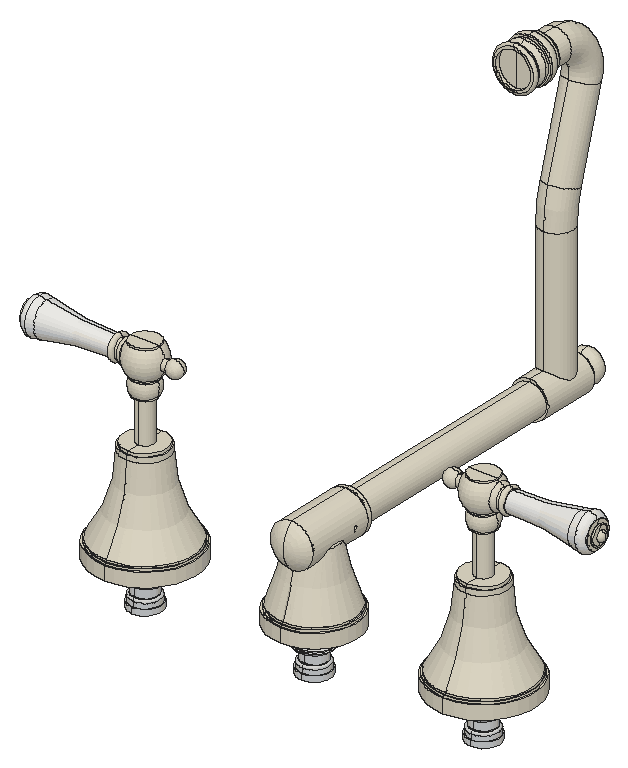
Revit family "Reece_Tap_Kado_Era_Wall Sink Set_English", category Plumbing Fixtures, host Face, Revit 2018
Family settings
  Host = Face
  Round Connector Dimension = Use Diameter
  Part Type = Normal
  Cut with Voids When Loaded = No
  Shared = Yes
  Room Calculation Point = Yes
Parameters (values of type "180 mm_Lever Handle_Brass Gold_Porcelain")
  WFU = 0  # constant formula
  URL = "https://www.reece.com.au/product/-9507646"
  Type Comments = "Tap"
  Reece_Tap_Reach = 180 mm  # constant formula
  Reece_Tap_Clearance = 170 mm  # constant formula
  Reece_Tap_Axis Distance [instance] = 200 mm
  Reece_Sink_Outlet = 12 mm  # constant formula
  Reece_Product_Web Page = "https://www.reece.com.au/product/-9507646"
  Reece_Product_Type = "Tap"  # constant formula
  Reece_Product_Sub Brand = "Era"  # constant formula
  Reece_Product_Number = "9507646"
  Reece_Product_Mount = "Wall Mounted"
  Reece_Product_Description = "Kado Era Wall English Sink Set Lever Porcelain Handle Brass Gold (5 Star)"
  Reece_Product_Brand = "Kado"  # constant formula
  Reece_Overall_Height = 230 mm  # constant formula
  Reece_Material_Secondary = Reece_Porcelain_White
  Reece_Material_Main = Reece_Brass_Gold
  Reece_Handle_Type = Reece_Tap_Kado_Era_Wall Sink Set_Porcelain_Lever_Handle_116 mm_Nested : Reece_Lever Handle_Porcelain
  Reece_Detail_Shape = "English"  # constant formula
  Reece_Detail_Installation = ""
  Reece_Detail_Disclaimer = "THIS FILE IS THE PROPERTY OF THE REECE GROUP. IT MAY NOT BE REPRODUCED, REVERSE-ENGINEERED OR MODIFIED. ANY REPUBLICATION, TRANSMISSION OR DISTRIBUTION FOR THE PURPOSE OF COMMERCIALLY EXPLOITING THE FILES IS PROHIBITED."  # constant formula
  Reece_Detail_Connector = ""
  Reece_Detail_Additional = "Wall Sink Set"  # constant formula
  Reece_Backplate_Diameter = 60 mm  # constant formula
  Model = "Era"
  Manufacturer = "Kado"
  Keynote = "Product #9507646, Reece_Tap_Kado_Era_Wall Sink Set_English - 180 mm_Lever Handle_Brass Gold_Porcelain"
  HWFU = 0  # constant formula
  Disclaimer = "THIS FILE IS THE PROPERTY OF THE REECE GROUP. IT MAY NOT BE REPRODUCED, REVERSE-ENGINEERED OR MODIFIED. ANY REPUBLICATION, TRANSMISSION OR DISTRIBUTION FOR THE PURPOSE OF COMMERCIALLY EXPLOITING THE FILES IS PROHIBITED."  # constant formula
  Description = "Kado Era Wall English Sink Set Lever Handle Porcelain Handle Brass Gold (5 Star)"
  Default Elevation = 1000 mm
  CWFU = 0  # constant formula
Types (2, lengths in mm): name | URL | Reece_Product_Web Page | Reece_Product_Number | Reece_Product_Description | Reece_Material_Main | Keynote | Description
  180 mm_Lever Handle_Brass Gold_Porcelain | "https://www.reece.com.au/product/-9507646" | "https://www.reece.com.au/product/-9507646" | "9507646" | "Kado Era Wall English Sink Set Lever Porcelain Handle Brass Gold (5 Star)" | Reece_Brass_Gold | "Product #9507646, Reece_Tap_Kado_Era_Wall Sink Set_English - 180 mm_Lever Handle_Brass Gold_Porcelain" | "Kado Era Wall English Sink Set Lever Handle Porcelain Handle Brass Gold (5 Star)"
  180 mm_Lever Handle_Chrome_Porcelain | "https://www.reece.com.au/product/-9507647" | "https://www.reece.com.au/product/-9507647" | "9507647" | "Kado Era Wall English Sink Set Lever Porcelain Handle Chrome (5 Star)" | Reece_Brass_Chrome | "Product #9507647, Reece_Tap_Kado_Era_Wall Sink Set_English - 180 mm_Lever Handle_Chrome_Porcelain" | "Kado Era Wall English Sink Set Lever Handle Porcelain Handle Chrome (5 Star)"
Reference planes
  plane 1 "Center (Front/Back)": y = 0
  plane 2 "Bottom": z = 0
  plane 3 "Center (Left/Right)": x = 0
  plane 4 "left": x = -100
  plane 5 "right": x = 100
  plane 6: y = -30
  plane 7: y = 30
  plane 8: y = -22.797
  plane 9: y = 147.203
  plane 10: y = 207.203
  plane 11: y = 192.825
  plane 12: y = 178.825
  plane 13 "middle": z = 47.9
  plane 14: z = 227.9
Forms (mm)
  Revolve 1, solid
    sketch origin (-100, -128.901, 1219.2) x (0, -1, 0) y (0, 0, 1)
      loop
        line (-130.291, -1249.229) -> (-128.901, -1249.229) -> (-128.901, -1219.2) -> (-140.374, -1219.2) -> (-140.374, -1222.813) -> (-139.398, -1223.187) -> (-139.398, -1223.987) -> (-140.37, -1224.549) -> (-139.398, -1225.023) -> (-139.398, -1225.823) -> (-140.359, -1226.378) -> (-139.398, -1226.846) -> (-139.398, -1227.646) -> (-140.366, -1228.205) -> (-139.398, -1228.616) -> (-139.398, -1229.416) -> (-140.275, -1229.923) -> (-139.166, -1231.032) -> (-136.181, -1231.032) -> (-136.181, -1237.729) -> (-135.615, -1238.294) -> (-136.415, -1238.294)
        arc (-136.415, -1238.294) -> (-137.255, -1238.642) -> (-137.603, -1239.482) r 1.188
        line (-137.603, -1239.482) -> (-137.603, -1242.245) -> (-138.403, -1242.245) -> (-138.403, -1245.49) -> (-132.464, -1245.49) -> (-130.291, -1249.229)
      axis (-128.901, -1219.2) -> (-128.901, -1249.229)
    angle from 0 to 360
  Revolve 2, void
    sketch origin (0, 0, 0) x (1, 0, 0) y (0, 0, 1)
      loop
        line (-100, -37.024) -> (-100, 0) -> (-115.541, 0) -> (-115.541, -37.024) -> (-100, -37.024)
      axis (-100, 0) -> (-100, -37.024)
    angle from 0 to 360
  Revolve 3, void
    sketch origin (0, 0, 0) x (-1, 0, 0) y (0, 0, 1)
      loop
        line (-100, -37.024) -> (-100, 0) -> (-115.541, 0) -> (-115.541, -37.024) -> (-100, -37.024)
      axis (-100, 0) -> (-100, -37.024)
    angle from 0 to 360
  Revolve 4, solid
    sketch origin (100, -134.759, 1219.2) x (0, -1, 0) y (0, 0, 1)
      loop
        line (-136.149, -1249.229) -> (-134.759, -1249.229) -> (-134.759, -1219.2) -> (-146.232, -1219.2) -> (-146.232, -1222.813) -> (-145.256, -1223.187) -> (-145.256, -1223.987) -> (-146.228, -1224.549) -> (-145.256, -1225.023) -> (-145.256, -1225.823) -> (-146.216, -1226.378) -> (-145.256, -1226.846) -> (-145.256, -1227.646) -> (-146.223, -1228.205) -> (-145.256, -1228.616) -> (-145.256, -1229.416) -> (-146.133, -1229.923) -> (-145.024, -1231.032) -> (-142.038, -1231.032) -> (-142.038, -1237.729) -> (-141.473, -1238.294) -> (-142.273, -1238.294)
        arc (-142.273, -1238.294) -> (-143.113, -1238.642) -> (-143.461, -1239.482) r 1.188
        line (-143.461, -1239.482) -> (-143.461, -1242.245) -> (-144.261, -1242.245) -> (-144.261, -1245.49) -> (-138.322, -1245.49) -> (-136.149, -1249.229)
      axis (-134.759, -1219.2) -> (-134.759, -1249.229)
    angle from 0 to 360
  Revolve 5, solid
    sketch origin (0, 0, 0) x (0, 1, 0) y (0, 0, 1)
      loop
        line (1.39, -30.029) -> (3.563, -26.29) -> (9.502, -26.29) -> (9.502, -23.045) -> (8.702, -23.045) -> (8.702, -20.282)
        arc (8.702, -20.282) -> (8.354, -19.442) -> (7.514, -19.094) r 1.188
        line (7.514, -19.094) -> (6.714, -19.094) -> (7.28, -18.529) -> (7.28, -11.832) -> (10.266, -11.832) -> (11.374, -10.723) -> (10.497, -10.216) -> (10.497, -9.416) -> (11.465, -9.005) -> (10.497, -8.446) -> (10.497, -7.646) -> (11.458, -7.178) -> (10.497, -6.623) -> (10.497, -5.823) -> (11.469, -5.349) -> (10.497, -4.787) -> (10.497, -3.987) -> (11.473, -3.613) -> (11.473, 0) -> (0, 0) -> (0, -30.029) -> (1.39, -30.029)
      axis (0, 0) -> (0, -30.029)
    angle from 0 to 360
  Revolve 6, void
    sketch origin (-75, 0, 0) x (-1, 0, 0) y (0, 0, 1)
      loop
        line (-75, -37.024) -> (-75, 0) -> (-90.541, 0) -> (-90.541, -37.024) -> (-75, -37.024)
      axis (-75, 0) -> (-75, -37.024)
    angle from 0 to 360
  Revolve 7, solid, material "Reece_Brass_Gold" <- "Reece_Material_Main"
    sketch origin (0, 0, 0) x (0, 1, 0) y (0, 0, 1)
      loop
        line (0, 0) -> (25, 0) -> (25, 8.1) -> (24, 8.1) -> (24, 9.2) -> (23.2, 9.2) -> (23.2, 10.2)
        arc (23.2, 10.2) -> (17.283, 27.396) -> (13.569, 45.199) r 144.693
        arc (13.569, 45.199) -> (13.234, 45.813) -> (12.579, 46.057) r 1
        line (12.579, 46.057) -> (0, 46.057) -> (0, 10.2) -> (0, 0)
      axis (0, 0) -> (0, 46.057)
    angle from 0 to 360
  Revolve 8, solid, material "Reece_Brass_Gold" <- "Reece_Material_Main"
    sketch origin (0, 0, 0) x (0, 1, 0) y (0, 0, 1)
      loop
        line (28.203, 47.9) -> (28.203, 57.9) -> (26.103, 60.65) -> (24.203, 60.65) -> (24.203, 59.85) -> (23.403, 59.85) -> (23.403, 60.65) -> (-16.397, 60.65)
        arc (-16.397, 60.65) -> (-21.107, 55.033) -> (-22.797, 47.9) r 15.9
        line (-22.797, 47.9) -> (28.203, 47.9)
      axis (28.203, 47.9) -> (-22.797, 47.9)
    angle from 0 to 360
  Revolve 9, solid, material "Reece_Brass_Gold" <- "Reece_Material_Main"
    sketch origin (0, 0, 5.089) x (0, 1, 0) y (0, 0, 1)
      loop
        line (192.825, 31.811) -> (192.825, 33.511) -> (194.725, 33.511) -> (194.725, 35.911) -> (196.625, 35.911)
        arc (196.625, 35.911) -> (199.999, 33.301) -> (204.103, 34.461) r 4.738
        arc (204.103, 34.461) -> (206.394, 37.66) -> (207.203, 41.511) r 9.567
        line (207.203, 41.511) -> (207.203, 42.811) -> (20.693, 42.811) -> (20.693, 33.311) -> (159.125, 33.311) -> (159.125, 31.811) -> (192.825, 31.811)
      axis (207.203, 42.811) -> (20.693, 42.811)
    angle from 0 to 360
  Sweep 10, solid, material "Reece_Brass_Gold" <- "Reece_Material_Main"
    path origin (0, 12.834, 5.089) x (0, 1, 0) y (0, 0, 1)
      loop
        line (165.991, 42.811) -> (165.991, 127.306)
        arc (165.991, 127.306) -> (166.766, 137.695) -> (169.075, 147.853) r 70
        line (169.075, 147.853) -> (184.147, 196.941)
        arc (184.147, 196.941) -> (181.112, 214.698) -> (165.028, 222.811) r 20
        line (165.028, 222.811) -> (146.157, 222.811)
    profile origin (0, 178.825, 90.148) x (0, -1, 0) y (1, 0, 0)
      loop
        circle (0, 0) r 9.5
  Revolve 11, void
    sketch origin (0, 5.089, 47.9) x (0, 1, 0) y (-1, 0, 0)
      loop
        line (9.33, 10.133) -> (10.83, 10.133) -> (10.83, 15.16) -> (9.33, 15.16) -> (9.33, 10.133)
      loop
        line (9.33, -11.018) -> (9.33, -15.16) -> (10.83, -15.16) -> (10.83, -11.018) -> (9.33, -11.018)
      axis (9.33, 15.16) -> (9.33, -15.16)
    angle from 0 to 360
  Revolve 12, solid, material "Reece_Brass_Gold" <- "Reece_Material_Main"
    sketch origin (0, -13.869, 158.977) x (0, 0.15942, -0.987211) y (0, 0.987211, 0.15942)
      loop
        line (-30.204, 170.549) -> (-30.067, 171.399)
        arc (-30.067, 171.399) -> (-30.113, 172.003) -> (-30.429, 172.52) r 1.294
        line (-30.429, 172.52) -> (-31.116, 173.207) -> (-28.876, 176.513) -> (-28.653, 177.895) -> (-29.64, 178.055) -> (-29.497, 178.943) -> (-27.522, 178.624) -> (-27.363, 179.612)
        arc (-27.363, 179.612) -> (-26.752, 182.761) -> (-28.25, 185.597) r 4.824
        arc (-28.25, 185.597) -> (-28.06, 187.271) -> (-29.218, 188.495) r 1.997
        line (-29.218, 188.495) -> (-29.071, 189.401) -> (-38.972, 191) -> (-42.053, 171.922) -> (-31.774, 170.262) -> (-32.084, 168.34) -> (-30.6, 168.1)
        arc (-30.6, 168.1) -> (-29.178, 169.127) -> (-30.204, 170.549) r 1.24
      axis (-38.972, 191) -> (-42.363, 170)
    angle from 0 to 360
Cuts and joins
  Revolve 11 cuts Revolve 8
  joined: Revolve 7, Revolve 8
  joined: Revolve 9, Sweep 10
Text (mm)
  text "Reece Copyright © 2018, Reece Ltd." at (18.968, -193.79, 0), in view "Ref. Level"
  text "Reece ©" at (44.384, 258.95, 192.345), in view "Reece Preview"
Dimensions and locks
  equal spacing: plane 4 "left", plane 3 "Center (Left/Right)", plane 5 "right"  (x2)
  plane 6 to plane 7 = 60 mm
  plane 7 to plane 6 = 60 mm
  plane 4 "left" to plane 5 "right" = 200 mm
  plane 5 "right" to plane 4 "left" = 200 mm
  equal spacing: plane 5 "right", plane 3 "Center (Left/Right)", plane 4 "left"
  "Reece_Backplate_Diameter": plane 6 to plane 7
  equal spacing: plane 6, plane 1 "Center (Front/Back)", plane 7
  "Reece_Tap_Axis Distance": plane 4 "left" to plane 5 "right"
  "Reece_Tap_Clearance": plane 9 to plane 8
  "Reece_Overall_Height": plane 10 to plane 8
  "Reece_Tap_Reach": plane 14 to plane 13 "middle"
  aligned and locked: plane 2 "Bottom" to host face
  aligned and locked: level to host face
  aligned and locked: Revolve 1 sketch curve to plane 1 "Center (Front/Back)"
  aligned and locked: Revolve 6 sketch curve to plane 3 "Center (Left/Right)"
Automatic sketch dimensions
  host sketch curve to host sketch curve = 380.785 mm
  host sketch curve to host sketch curve = 452.421 mm
  Revolve 1 sketch curve to level = 0 mm
  Revolve 1 sketch curve to plane 1 "Center (Front/Back)" = 0 mm
  Revolve 1 sketch curve to Revolve 1 sketch curve = 1.39 mm
  Revolve 1 sketch curve to plane 1 "Center (Front/Back)" = 3.563 mm
  Revolve 1 sketch curve to plane 1 "Center (Front/Back)" = 6.714 mm
  Revolve 1 sketch curve to plane 1 "Center (Front/Back)" = 7.28 mm
  Revolve 1 sketch curve to Revolve 1 sketch curve = 0.8 mm  (x6)
  Revolve 1 sketch curve to Revolve 1 sketch curve = 1.188 mm
  Revolve 1 sketch curve to Revolve 1 sketch curve = 2.986 mm
  Revolve 1 sketch curve to Revolve 1 sketch curve = 0.231 mm  (x2)
  Revolve 1 sketch curve to Revolve 1 sketch curve = 0 mm  (x2)
  Revolve 1 sketch curve to level = 3.987 mm
  Revolve 1 sketch curve to Revolve 1 sketch curve = 0.878 mm
  Revolve 1 sketch curve to Revolve 1 sketch curve = 0.961 mm
  Revolve 1 sketch curve to Revolve 1 sketch curve = 0.968 mm
  Revolve 1 sketch curve to level = 5.349 mm
  Revolve 1 sketch curve to Revolve 1 sketch curve = 0.972 mm
  Revolve 1 sketch curve to level = 3.612 mm
  Revolve 1 sketch curve to Revolve 1 sketch curve = 0.977 mm
  Revolve 1 sketch curve to Revolve 1 sketch curve = 0.474 mm
  Revolve 1 sketch curve to Revolve 1 sketch curve = 0.555 mm
  Revolve 1 sketch curve to Revolve 1 sketch curve = 1.023 mm
  Revolve 1 sketch curve to Revolve 1 sketch curve = 0.559 mm
  Revolve 1 sketch curve to Revolve 1 sketch curve = 0.97 mm
  Revolve 1 sketch curve to Revolve 1 sketch curve = 0.507 mm
  Revolve 1 sketch curve to Revolve 1 sketch curve = 1.615 mm
  Revolve 1 sketch curve to Revolve 1 sketch curve = 6.697 mm
  Revolve 1 sketch curve to Revolve 1 sketch curve = 0.566 mm
  Revolve 1 sketch curve to Revolve 1 sketch curve = 2.762 mm
  Revolve 1 sketch curve to Revolve 1 sketch curve = 3.246 mm
  Revolve 1 sketch curve to Revolve 1 sketch curve = 3.739 mm
  Revolve 1 sketch curve to Revolve 1 sketch curve = 7.488 mm
  Revolve 1 sketch curve to Revolve 1 sketch curve = 8.93 mm
  Revolve 2 sketch curve to level = 0 mm
  plane 4 "left" to Revolve 2 sketch curve = 0 mm  (x2)
  Revolve 2 sketch curve to Revolve 2 sketch curve = 15.541 mm
  Revolve 2 sketch curve to Revolve 2 sketch curve = 37.024 mm
  Revolve 2 sketch curve to plane 13 "middle" = 18.734 mm
  Revolve 2 sketch curve to plane 13 "middle" = 0.217 mm
  Revolve 3 sketch curve to level = 0 mm
  Revolve 3 sketch curve to plane 5 "right" = 0 mm  (x2)
  Revolve 3 sketch curve to Revolve 3 sketch curve = 15.541 mm
  level to Revolve 3 sketch curve = 37.024 mm
  plane 13 "middle" to Revolve 3 sketch curve = 18.734 mm
  plane 13 "middle" to Revolve 3 sketch curve = 0.217 mm
  level to Revolve 4 sketch curve = 0 mm
  Revolve 4 sketch curve to plane 1 "Center (Front/Back)" = 0 mm  (x2)
  Revolve 4 sketch curve to Revolve 4 sketch curve = 1.39 mm
  plane 1 "Center (Front/Back)" to Revolve 4 sketch curve = 3.563 mm
  plane 1 "Center (Front/Back)" to Revolve 4 sketch curve = 6.714 mm
  plane 1 "Center (Front/Back)" to Revolve 4 sketch curve = 7.28 mm
  Revolve 4 sketch curve to Revolve 4 sketch curve = 0.8 mm  (x6)
  Revolve 4 sketch curve to Revolve 4 sketch curve = 1.188 mm
  Revolve 4 sketch curve to Revolve 4 sketch curve = 2.986 mm
  Revolve 4 sketch curve to Revolve 4 sketch curve = 0.231 mm  (x2)
  Revolve 4 sketch curve to Revolve 4 sketch curve = 0 mm  (x2)
  level to Revolve 4 sketch curve = 3.987 mm
  Revolve 4 sketch curve to Revolve 4 sketch curve = 0.878 mm
  Revolve 4 sketch curve to Revolve 4 sketch curve = 0.961 mm
  Revolve 4 sketch curve to Revolve 4 sketch curve = 0.968 mm
  level to Revolve 4 sketch curve = 5.349 mm
  Revolve 4 sketch curve to Revolve 4 sketch curve = 0.972 mm
  level to Revolve 4 sketch curve = 3.612 mm
  Revolve 4 sketch curve to Revolve 4 sketch curve = 0.977 mm
  Revolve 4 sketch curve to Revolve 4 sketch curve = 0.474 mm
  Revolve 4 sketch curve to Revolve 4 sketch curve = 0.555 mm
  Revolve 4 sketch curve to Revolve 4 sketch curve = 1.023 mm
  Revolve 4 sketch curve to Revolve 4 sketch curve = 0.559 mm
  Revolve 4 sketch curve to Revolve 4 sketch curve = 0.97 mm
  Revolve 4 sketch curve to Revolve 4 sketch curve = 0.507 mm
  Revolve 4 sketch curve to Revolve 4 sketch curve = 1.615 mm
  Revolve 4 sketch curve to Revolve 4 sketch curve = 6.697 mm
  Revolve 4 sketch curve to Revolve 4 sketch curve = 0.566 mm
  Revolve 4 sketch curve to Revolve 4 sketch curve = 2.762 mm
  Revolve 4 sketch curve to Revolve 4 sketch curve = 3.246 mm
  Revolve 4 sketch curve to Revolve 4 sketch curve = 3.739 mm
  Revolve 4 sketch curve to Revolve 4 sketch curve = 7.488 mm
  Revolve 4 sketch curve to Revolve 4 sketch curve = 8.93 mm
  Revolve 5 sketch curve to plane 1 "Center (Front/Back)" = 0 mm  (x2)
  level to Revolve 5 sketch curve = 0 mm
  Revolve 5 sketch curve to Revolve 5 sketch curve = 1.39 mm
  Revolve 5 sketch curve to plane 1 "Center (Front/Back)" = 3.563 mm
  Revolve 5 sketch curve to plane 1 "Center (Front/Back)" = 6.714 mm
  Revolve 5 sketch curve to plane 1 "Center (Front/Back)" = 7.28 mm
  Revolve 5 sketch curve to Revolve 5 sketch curve = 0.8 mm  (x6)
  Revolve 5 sketch curve to Revolve 5 sketch curve = 1.188 mm
  Revolve 5 sketch curve to Revolve 5 sketch curve = 2.986 mm
  Revolve 5 sketch curve to Revolve 5 sketch curve = 0.231 mm
  Revolve 5 sketch curve to Revolve 5 sketch curve = 0 mm  (x3)
  Revolve 5 sketch curve to level = 3.987 mm
  Revolve 5 sketch curve to Revolve 5 sketch curve = 0.878 mm
  Revolve 5 sketch curve to Revolve 5 sketch curve = 0.961 mm
  Revolve 5 sketch curve to Revolve 5 sketch curve = 0.968 mm
  Revolve 5 sketch curve to level = 5.349 mm
  Revolve 5 sketch curve to Revolve 5 sketch curve = 0.972 mm
  Revolve 5 sketch curve to level = 3.612 mm
  Revolve 5 sketch curve to Revolve 5 sketch curve = 0.977 mm
  Revolve 5 sketch curve to Revolve 5 sketch curve = 0.474 mm
  Revolve 5 sketch curve to Revolve 5 sketch curve = 0.555 mm
  Revolve 5 sketch curve to Revolve 5 sketch curve = 1.023 mm
  Revolve 5 sketch curve to Revolve 5 sketch curve = 0.559 mm
  Revolve 5 sketch curve to Revolve 5 sketch curve = 0.97 mm
  Revolve 5 sketch curve to Revolve 5 sketch curve = 0.507 mm
  Revolve 5 sketch curve to Revolve 5 sketch curve = 1.615 mm
  Revolve 5 sketch curve to Revolve 5 sketch curve = 6.697 mm
  Revolve 5 sketch curve to Revolve 5 sketch curve = 0.566 mm
  Revolve 5 sketch curve to Revolve 5 sketch curve = 2.762 mm
  Revolve 5 sketch curve to Revolve 5 sketch curve = 3.246 mm
  Revolve 5 sketch curve to Revolve 5 sketch curve = 3.739 mm
  Revolve 5 sketch curve to Revolve 5 sketch curve = 7.488 mm
  Revolve 5 sketch curve to Revolve 5 sketch curve = 8.93 mm
  Revolve 6 sketch curve to level = 0 mm
  Revolve 6 sketch curve to plane 3 "Center (Left/Right)" = 0 mm
  Revolve 6 sketch curve to Revolve 6 sketch curve = 15.541 mm
  level to Revolve 6 sketch curve = 37.024 mm
  plane 13 "middle" to Revolve 6 sketch curve = 18.734 mm
  plane 13 "middle" to Revolve 6 sketch curve = 0.217 mm
  level to Revolve 7 sketch curve = 0 mm  (x2)
  Revolve 7 sketch curve to plane 1 "Center (Front/Back)" = 0 mm  (x2)
  Revolve 7 sketch curve to plane 13 "middle" = 2.843 mm
  Revolve 7 sketch curve to plane 1 "Center (Front/Back)" = 12.579 mm
  plane 7 to Revolve 7 sketch curve = 6.8 mm
  Revolve 7 sketch curve to Revolve 7 sketch curve = 0.8 mm
  Revolve 7 sketch curve to Revolve 7 sketch curve = 1 mm  (x2)
  plane 9 to Revolve 7 sketch curve = 9.587 mm
  Revolve 7 sketch curve to Revolve 7 sketch curve = 8.1 mm
  Revolve 7 sketch curve to Revolve 7 sketch curve = 1.1 mm
  Revolve 7 sketch curve to Revolve 7 sketch curve = 10.2 mm
  Revolve 7 sketch curve to plane 13 "middle" = 1.843 mm
  plane 13 "middle" to Revolve 7 sketch curve = 17.885 mm
  Revolve 7 sketch curve to Revolve 7 sketch curve = 16.057 mm
  Revolve 9 sketch curve to plane 8 = 0 mm
  Revolve 9 sketch curve to plane 13 "middle" = 0 mm  (x2)
  Revolve 9 sketch curve to plane 11 = 0 mm
  Revolve 9 sketch curve to plane 10 = 0 mm  (x2)
  plane 7 to Revolve 9 sketch curve = 9.307 mm
  plane 9 to Revolve 9 sketch curve = 11.922 mm
  plane 11 to Revolve 9 sketch curve = 1.9 mm
  Revolve 9 sketch curve to Revolve 9 sketch curve = 1.9 mm
  Revolve 9 sketch curve to plane 13 "middle" = 1.3 mm
  plane 11 to Revolve 9 sketch curve = 4.811 mm
  Revolve 9 sketch curve to Revolve 9 sketch curve = 4.275 mm
  Revolve 9 sketch curve to Revolve 9 sketch curve = 3.559 mm
  Revolve 9 sketch curve to Revolve 9 sketch curve = 5.6 mm
  Revolve 9 sketch curve to Revolve 9 sketch curve = 2.4 mm
  Revolve 9 sketch curve to plane 13 "middle" = 9.5 mm
  Revolve 9 sketch curve to Revolve 9 sketch curve = 1.7 mm
  Sweep 10 sketch curve to profile plane = 0 mm  (x2)
  Revolve 11 sketch curve to plane 1 "Center (Front/Back)" = 14.419 mm  (x2)
  Revolve 11 sketch curve to Revolve 11 sketch curve = 1.5 mm  (x2)
  plane 3 "Center (Left/Right)" to Revolve 11 sketch curve = 15.16 mm
  Revolve 11 sketch curve to Revolve 11 sketch curve = 4.142 mm
  Revolve 11 sketch curve to plane 3 "Center (Left/Right)" = 10.133 mm
  Revolve 11 sketch curve to Revolve 11 sketch curve = 5.027 mm
  Revolve 11 sketch curve to Revolve 11 sketch curve = 0 mm
  plane 3 "Center (Left/Right)" to Revolve 11 sketch curve = 6.333 mm
  Revolve 11 sketch curve to plane 3 "Center (Left/Right)" = 3.667 mm
  Revolve 8 sketch curve to plane 13 "middle" = 0 mm  (x2)
  Revolve 8 sketch curve to plane 8 = 0 mm
  plane 8 to Revolve 8 sketch curve = 6.4 mm
  plane 1 "Center (Front/Back)" to Revolve 8 sketch curve = 6.897 mm
  plane 7 to Revolve 8 sketch curve = 6.597 mm
  Revolve 8 sketch curve to Revolve 8 sketch curve = 0.8 mm  (x3)
  Revolve 8 sketch curve to Revolve 8 sketch curve = 1.9 mm
  plane 7 to Revolve 8 sketch curve = 1.797 mm
  Revolve 8 sketch curve to Revolve 8 sketch curve = 2.75 mm
  Revolve 8 sketch curve to plane 6 = 21.454 mm
  Revolve 8 sketch curve to plane 7 = 3.546 mm
  Sweep 10 sketch curve to plane 14 = 0 mm
  Sweep 10 sketch curve to plane 12 = 0 mm
  Sweep 10 sketch curve to plane 13 "middle" = 0 mm
  Sweep 10 sketch curve to plane 12 = 0.964 mm
  plane 12 to Sweep 10 sketch curve = 3.083 mm
  plane 11 to Sweep 10 sketch curve = 4.155 mm
  Sweep 10 sketch curve to Sweep 10 sketch curve = 84.496 mm
  Sweep 10 sketch curve to Sweep 10 sketch curve = 20.546 mm
  Sweep 10 sketch curve to plane 14 = 25.87 mm
  plane 9 to Sweep 10 sketch curve = 11.787 mm
  plane 9 to Revolve 12 sketch curve = 1.947 mm
  Revolve 12 sketch curve to plane 14 = 0 mm
  Revolve 12 sketch curve to Revolve 12 sketch curve = 3.081 mm
  Revolve 12 sketch curve to Revolve 12 sketch curve = 9.969 mm
  Revolve 12 sketch curve to Revolve 12 sketch curve = 0.31 mm  (x2)
  Revolve 12 sketch curve to Revolve 12 sketch curve = 7.448 mm
  Revolve 12 sketch curve to Revolve 12 sketch curve = 0.43 mm
  Revolve 12 sketch curve to Revolve 12 sketch curve = 0.227 mm
  Revolve 12 sketch curve to Revolve 12 sketch curve = 1.484 mm
  Revolve 12 sketch curve to Revolve 12 sketch curve = 0.687 mm  (x2)
  Revolve 12 sketch curve to Revolve 12 sketch curve = 0.198 mm  (x2)
  Revolve 12 sketch curve to Revolve 12 sketch curve = 0.137 mm
  Revolve 12 sketch curve to Revolve 12 sketch curve = 1.569 mm
  Revolve 12 sketch curve to Revolve 12 sketch curve = 1.884 mm
  Revolve 12 sketch curve to Revolve 12 sketch curve = 0.143 mm
  Revolve 12 sketch curve to Revolve 12 sketch curve = 0.737 mm
  Revolve 12 sketch curve to Revolve 12 sketch curve = 0.146 mm
  Revolve 12 sketch curve to Revolve 12 sketch curve = 0.764 mm
  Revolve 12 sketch curve to Revolve 12 sketch curve = 0.987 mm
  Revolve 12 sketch curve to Revolve 12 sketch curve = 1.131 mm
  Revolve 12 sketch curve to Revolve 12 sketch curve = 0.159 mm
  Revolve 12 sketch curve to Revolve 12 sketch curve = 0.317 mm
  Revolve 12 sketch curve to Revolve 12 sketch curve = 0.206 mm
  Revolve 12 sketch curve to Revolve 12 sketch curve = 0.85 mm
  Revolve 12 sketch curve to Revolve 12 sketch curve = 1.343 mm
  Revolve 12 sketch curve to Revolve 12 sketch curve = 3.306 mm
  Revolve 12 sketch curve to Revolve 12 sketch curve = 1.382 mm
  Revolve 12 sketch curve to Revolve 12 sketch curve = 3.11 mm
  Revolve 12 sketch curve to Revolve 12 sketch curve = 1.856 mm
  Revolve 12 sketch curve to Revolve 12 sketch curve = 0 mm  (x2)
  Revolve 12 sketch curve to Revolve 12 sketch curve = 1.922 mm
  radius of Sweep 10 sketch curve = 9.5 mm
Nested families
  nested 1: "Reece_Tap_Kado_Era_Wall Sink Set_Porcelain_Lever_Handle_116 mm_Nested" at (-100, 0, 0), type <- "Reece_Handle_Type", Reece_Material_Main <- "Reece_Material_Main", Reece_Material_Secondary <- "Reece_Material_Secondary", type "Reece_Lever Handle_Porcelain"
    with Reece_Material_Secondary Reece_Porcelain_White, Reece_Material_Main Reece_Brass_Gold
  nested 2: "Reece_Tap_Kado_Era_Wall Sink Set_Porcelain_Lever_Handle_116 mm_Nested" at (100, 0, 0) x (-1, 0, 0) z (0, 0, 1), type <- "Reece_Handle_Type", Reece_Material_Main <- "Reece_Material_Main", Reece_Material_Secondary <- "Reece_Material_Secondary", type "Reece_Lever Handle_Porcelain"
    with Reece_Material_Secondary Reece_Porcelain_White, Reece_Material_Main Reece_Brass_Gold
Connectors
  piping at (-100, 0, -11.832), diameter 12, driven by "Reece_Sink_Outlet"
    settings: on Revolve 1, index 3, connector inside diameter 609.6 mm, connector length 0 mm, flow factor 0, pipe flow 0.0 L/s, pressure drop 0.0 Pa, fitting loss kfactor 0, connector angle 0.00°, fixture units 0, engagement length 0 mm, angle of deflection 0.00°, flow configuration 0, flow direction 1, fitting loss method 0, system type 29, joint type 0, gender type 0, connector reference index -1, connector utility 0, adjustable connector no, is connector primary yes, connector description ""
  piping at (100, 0, -11.832), diameter 12, driven by "Reece_Sink_Outlet"
    settings: on Revolve 4, index 4, connector inside diameter 609.6 mm, connector length 0 mm, flow factor 0, pipe flow 0.0 L/s, pressure drop 0.0 Pa, fitting loss kfactor 0, connector angle 0.00°, fixture units 0, engagement length 0 mm, angle of deflection 0.00°, flow configuration 0, flow direction 1, fitting loss method 0, system type 29, joint type 0, gender type 0, connector reference index -1, connector utility 0, adjustable connector no, is connector primary no, connector description ""
  piping at (0, 0, 0), diameter 12, driven by "Reece_Sink_Outlet"
    settings: on host face, index 5, connector inside diameter 609.6 mm, connector length 0 mm, flow factor 0, pipe flow 0.0 L/s, pressure drop 0.0 Pa, fitting loss kfactor 0, connector angle 0.00°, fixture units 0, engagement length 0 mm, angle of deflection 0.00°, flow configuration 0, flow direction 1, fitting loss method 0, system type 29, joint type 0, gender type 0, connector reference index -1, connector utility 0, adjustable connector no, is connector primary no, connector description ""
Definition of nested family "Reece_Tap_Kado_Era_Wall Sink Set_Porcelain_Lever_Handle_116 mm_Nested"
  Parameters (values of type "Brushed Stainless Steel")
    Waste Connection = no
    WFU = 0
    Vent Connection = no
    URL = ""
    Type Comments = ""
    Reece_Material_Secondary [instance] = none
    Reece_Material_Main [instance] = none
    Model = ""
    Manufacturer = ""
    Keynote = ""
    HWFU = 0
    HW Connection = no
    Description = ""
    Default Elevation = 0 mm
    Cost = 0
    CWFU = 0
    CW Connection = no
    Assembly Code = ""
  Reference planes
    plane 1 "Center (Front/Back)": y = 0
    plane 2 "Bottom": z = 0
    plane 3 "Center (Left/Right)": x = 0
    plane 4: z = 10
    plane 5: z = 116
  Forms (mm)
    Extrusion 1, solid
      sketch origin (619.2, -619.2, 0) x (1, 0, 0) y (0, 1, 0)
        loop
          line (-809.2, 779.2) -> (-809.2, 461.779) -> (-428.415, 461.779) -> (-428.415, 779.2) -> (-809.2, 779.2)
      from 0 to -9.564
    Revolve 2, solid, material <- "Reece_Material_Main"
      sketch origin (0, 0, 0) x (0, -1, 0) y (0, 0, 1)
        loop
          line (0, 61) -> (4.8, 61) -> (4.8, 85.949) -> (0, 85.949) -> (0, 61)
        axis (0, 61) -> (0, 85.949)
      angle from 0 to 360
    Revolve 3, solid, material <- "Reece_Material_Main"
      sketch origin (100, 0, 12.982) x (-1, 0, 0) y (0, 0, 1)
        loop
          line (100, 72.967) -> (100, 83.467) -> (92.7, 83.467) -> (92.7, 81.967)
          arc (92.7, 81.967) -> (91.646, 77.867) -> (92.7, 73.767) r 8.5
          line (92.7, 73.767) -> (92.7, 72.967) -> (100, 72.967)
        axis (100, 72.967) -> (100, 83.467)
      angle from 0 to 360
    Revolve 4, solid, material <- "Reece_Material_Main"
      sketch origin (100, 0, 12.982) x (-1, 0, 0) y (0, 0, 1)
        loop
          line (100, 83.467) -> (100, 100.567) -> (100, 101.367) -> (91.6, 101.367) -> (91.6, 100.567)
          arc (91.6, 100.567) -> (88.257, 92.476) -> (91.3, 84.267) r 12
          arc (91.3, 84.267) -> (91.461, 83.882) -> (91.5, 83.467) r 1.383
          line (91.5, 83.467) -> (100, 83.467)
        axis (100, 83.467) -> (100, 101.367)
      angle from 0 to 360
    Revolve 5, solid, material <- "Reece_Material_Main"
      sketch origin (100, 0, 12.982) x (-1, 0, 0) y (0, 0, 1)
        loop
          line (88.762, 92.406) -> (88.762, 95.656) -> (85.512, 95.656)
          arc (85.512, 95.656) -> (80.235, 96.878) -> (77.179, 92.406) r 4.8
          line (77.179, 92.406) -> (88.762, 92.406)
        axis (88.762, 92.406) -> (77.179, 92.406)
      angle from 0 to 360
    Revolve 6, solid, material <- "Reece_Material_Main"
      sketch origin (102.109, 0, 12.825) x (-1, 0, 0) y (0, 0, 1)
        loop
          line (111.203, 92.406) -> (119.053, 92.406) -> (119.053, 98.406)
          arc (119.053, 98.406) -> (117.553, 99.906) -> (116.053, 98.406) r 1.5
          line (116.053, 98.406) -> (114.053, 98.406)
          arc (114.053, 98.406) -> (112.824, 99.528) -> (111.203, 99.906) r 3.3
          line (111.203, 99.906) -> (111.203, 92.406)
        loop
          line (169.053, 100.256) -> (169.053, 92.406) -> (174.053, 92.406)
          arc (174.053, 92.406) -> (173.189, 94.492) -> (171.103, 95.356) r 2.95
          line (171.103, 95.356) -> (171.103, 97.647)
          arc (171.103, 97.647) -> (170.976, 98.05) -> (170.641, 98.306) r 0.701
          line (170.641, 98.306) -> (169.853, 98.306) -> (169.853, 100.256) -> (169.053, 100.256)
        axis (111.203, 92.406) -> (174.053, 92.406)
      angle from 0 to 360
    Revolve 7, solid, material <- "Reece_Material_Secondary"
      sketch origin (0, 0, 12.982) x (1, 0, 0) y (0, 0, 1)
        loop
          arc (-16.944, 98.25) -> (-37.584, 98.811) -> (-57.944, 102.25) r 147.4
          arc (-57.944, 102.25) -> (-60.18, 102.707) -> (-62.444, 103) r 31.577
          arc (-62.444, 103) -> (-65.195, 102.328) -> (-66.944, 100.1) r 4.336
          line (-66.944, 100.1) -> (-66.944, 92.25) -> (-16.944, 92.25) -> (-16.944, 98.25)
        axis (-66.944, 92.25) -> (-16.944, 92.25)
      angle from 0 to 360
    Revolve 8, solid, material <- "Reece_Material_Main"
      sketch origin (0, 0.09, 0) x (0, 1, 0) y (0, 0, 1)
        loop
          line (-0.09, 0) -> (29.9, 0) -> (29.9, 8.1) -> (28.9, 8.1) -> (28.9, 9.2) -> (28.1, 9.2) -> (28.1, 10.2)
          arc (28.1, 10.2) -> (17.132, 32.269) -> (13.358, 56.622) r 80.463
          line (13.358, 56.622) -> (13.358, 59.45) -> (12.358, 59.45) -> (12.358, 61) -> (-0.09, 61) -> (-0.09, 23.593) -> (-0.09, 0)
        axis (-0.09, 0) -> (-0.09, 61)
      angle from 0 to 360
  Text (mm)
    text "Reece Copyright © 2018, Reece Ltd." at (-182.519, -196.974, 0), in view "Ref. Level"
    text "Reece ©" at (44.384, 258.95, 192.345), in view "Reece Preview"
  Dimensions and locks
    plane 2 "Bottom" to plane 4 = 10 mm
    aligned and locked: plane 2 "Bottom" to Extrusion 1
    aligned and locked: level to Extrusion 1
